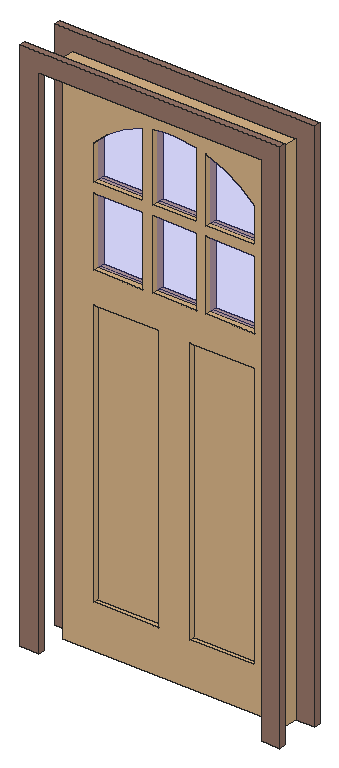
Revit family "0051_M_DR_W_single-entry 4", category 문, Revit 2026
Family settings
  호스트 = 벽
  항상 수직 = 예
  로드될 때 보이드를 사용하여 절단 = 아니오
  공유 = 아니오
  룸 계산 점 = 아니오
Parameters (values of type "36" x 84"")
  기능 = 내부
  Top Panel = 2' - 0"
  두께 = 0' - 2"
  Rail - Top = 0' - 5"
  Rail - Center = 0' - 5"
  Rail - Bottom = 0' - 7"
  조합 코드 = "C1020"
  Door Material = Door - Panel
  Frame Material = Door - Frame
  Height = 7' - 0"
  Muntin = 0' - 1 1/2"
  Stile Width = 0' - 5"
  Trim Projection Ext = 0' - 1"
  Trim Projection Int = 0' - 1"
  Trim Width = 0' - 3"
  벽 마무리 = 호스트별
  Width = 3' - 0"
Types (8): name | Top Panel | 두께 | Rail - Top | Rail - Center | Rail - Bottom | 조합 코드 | Height | Muntin | Stile Width | Trim Projection Ext | Trim Projection Int | Trim Width | Width
  36" x 84" | 2' - 0" | 0' - 2" | 0' - 5" | 0' - 5" | 0' - 7" | "C1020" | 7' - 0" | 0' - 1 1/2" | 0' - 5" | 0' - 1" | 0' - 1" | 0' - 3" | 3' - 0"
  34" x 84" | 2' - 0" | 0' - 2" | 0' - 5" | 0' - 5" | 0' - 7" | "C1020" | 7' - 0" | 0' - 1 1/2" | 0' - 5" | 0' - 1" | 0' - 1" | 0' - 3" | 2' - 10"
  32" x 84" | 2' - 0" | 0' - 2" | 0' - 5" | 0' - 5" | 0' - 7" | "C1020" | 7' - 0" | 0' - 1 1/2" | 0' - 5" | 0' - 1" | 0' - 1" | 0' - 3" | 2' - 8"
  30" x 84" | 2' - 0" | 0' - 2" | 0' - 5" | 0' - 5" | 0' - 7" | "C1020" | 7' - 0" | 0' - 1 1/2" | 0' - 5" | 0' - 1" | 0' - 1" | 0' - 3" | 2' - 6"
  30" x 80" | 1' - 10" | 0' - 2" | 0' - 5" | 0' - 5" | 0' - 7" | "C1020" | 6' - 8" | 0' - 1 1/2" | 0' - 5" | 0' - 1" | 0' - 1" | 0' - 3" | 2' - 6"
  36" x 80" | 2' - 0" | 0' - 2" | 0' - 5" | 0' - 5" | 0' - 7" | "C1020" | 6' - 8" | 0' - 1 1/2" | 0' - 5" | 0' - 1" | 0' - 1" | 0' - 3" | 3' - 0"
  34" x 80" | 1' - 10" | 0' - 2" | 0' - 5" | 0' - 5" | 0' - 7" | "C1020" | 6' - 8" | 0' - 1 1/2" | 0' - 5" | 0' - 1" | 0' - 1" | 0' - 3" | 2' - 10"
  0915 x 2134mm | 2' - 0.01575" | 0' - 1.9685" | 0' - 4.92126" | 0' - 4.92126" | 0' - 6.88976" | 0' - 0" | 7' - 0.01575" | 0' - 1.37795" | 0' - 4.92126" | 0' - 0.98425" | 0' - 0.98425" | 0' - 2.95276" | 3' - 0.02362"
Reference planes (in)
  plane 1: y = 0
  plane 2: z = 0
  plane 3: x = 1
  plane 4: x = -17
  plane 5: x = 19
  plane 6: z = 84
  plane 7: x = -1.5
  plane 8: x = 3.5
  plane 9: x = -12
  plane 10: x = 14
  plane 11: z = 55
  plane 12: z = 50
  plane 13: z = 79
  plane 14: z = 7
  plane 15: z = 67
  plane 16: x = 5.33333
  plane 17: x = -3.33333
  plane 18: x = -4.08333
  plane 19: x = -2.58333
  plane 20: x = 4.58333
  plane 21: x = 6.08333
  plane 22: z = 67.75
  plane 23: z = 66.25
  plane 24: z = 73.375
Forms (in)
  Extrusion 1, solid, material "Door - Frame" <- "Frame Material"
    sketch origin (-60, 3.00119, 0) x (-1, 0, 0) y (0, 0, 1)
      loop
        line (-82, 87) -> (-82, 0) -> (-79, 0) -> (-79, 84) -> (-43, 84) -> (-43, 0) -> (-40, 0) -> (-40, 87) -> (-82, 87)
    from 0 to 1
  Extrusion 2, solid, material "Door - Frame" <- "Frame Material"
    sketch origin (-60, -2.99881, 0) x (1, 0, 0) y (0, 0, 1)
      loop
        line (40, 87) -> (40, 0) -> (43, 0) -> (43, 84) -> (79, 84) -> (79, 0) -> (82, 0) -> (82, 87) -> (40, 87)
    from 0 to 1
  Extrusion 3, solid, material "Door - Panel" <- "Door Material"
    sketch origin (0, 0.0442, 0) x (0, 0, -1) y (1, 0, 0)
      loop
        line (-50, -12) -> (-7, -12) -> (-7, -1.5) -> (-50, -1.5) -> (-50, -12)
      loop
        line (-7, 14) -> (-50, 14) -> (-50, 3.5) -> (-7, 3.5) -> (-7, 14)
    from -2.20699 to -1.75268
  Extrusion 4, solid, material "Door - Panel" <- "Door Material"
    sketch origin (0, 0, 0) x (0, 0, -1) y (1, 0, 0)
      loop
        line (-84, -17) -> (0, -17) -> (0, 19) -> (-84, 19) -> (-84, -17)
      loop
        line (-50, -12) -> (-7, -12) -> (-7, -1.5) -> (-50, -1.5) -> (-50, -12)
      loop
        line (-7, 14) -> (-50, 14) -> (-50, 3.5) -> (-7, 3.5) -> (-7, 14)
      loop
        line (-55, 14) -> (-66.25, 14) -> (-66.25, 6.08333) -> (-55, 6.08333) -> (-55, 14)
      loop
        arc (-73.375, 14) -> (-76.21018, 10.3213) -> (-78.11038, 6.08333) r 19.79951
        line (-78.11038, 6.08333) -> (-67.75, 6.08333) -> (-67.75, 14) -> (-73.375, 14)
      loop
        line (-55, -12) -> (-55, -4.08333) -> (-66.25, -4.08333) -> (-66.25, -12) -> (-55, -12)
      loop
        line (-67.75, -12) -> (-67.75, -4.08333) -> (-78.31745, -4.08333)
        arc (-78.31745, -4.08333) -> (-76.39374, -8.38349) -> (-73.375, -12) r 17.19095
        line (-73.375, -12) -> (-67.75, -12)
      loop
        line (-78.68182, -2.58333) -> (-67.75, -2.58333) -> (-67.75, 4.58333) -> (-78.51696, 4.58333)
        arc (-78.51696, 4.58333) -> (-78.84045, 2.80272) -> (-79, 1) r 19.79951
        arc (-79, 1) -> (-78.9349, -0.80001) -> (-78.68182, -2.58333) r 17.19095
      loop
        line (-55, 4.58333) -> (-66.25, 4.58333) -> (-66.25, -2.58333) -> (-55, -2.58333) -> (-55, 4.58333)
    from -3.00119 to -1.00119
  Extrusion 5, solid, material "Glass"
    sketch origin (0, 0, 0) x (0, 0, -1) y (1, 0, 0)
      loop
        line (-55, -12) -> (-55, -4.08333) -> (-66.25, -4.08333) -> (-66.25, -12) -> (-55, -12)
      loop
        line (-55, 14) -> (-66.25, 14) -> (-66.25, 6.08333) -> (-55, 6.08333) -> (-55, 14)
      loop
        line (-55, 4.58333) -> (-66.25, 4.58333) -> (-66.25, -2.58333) -> (-55, -2.58333) -> (-55, 4.58333)
      loop
        line (-67.75, -4.08333) -> (-78.31745, -4.08333)
        arc (-78.31745, -4.08333) -> (-76.39374, -8.38349) -> (-73.375, -12) r 17.19095
        line (-73.375, -12) -> (-67.75, -12) -> (-67.75, -4.08333)
      loop
        line (-78.68182, -2.58333) -> (-67.75, -2.58333) -> (-67.75, 4.58333) -> (-78.51696, 4.58333)
        arc (-78.51696, 4.58333) -> (-78.84045, 2.80272) -> (-79, 1) r 19.79951
        arc (-79, 1) -> (-78.9349, -0.80001) -> (-78.68182, -2.58333) r 17.19095
      loop
        line (-78.11038, 6.08333) -> (-67.75, 6.08333) -> (-67.75, 14) -> (-73.375, 14)
        arc (-73.375, 14) -> (-76.21018, 10.3213) -> (-78.11038, 6.08333) r 19.79951
    from -2.25119 to -1.79687
Lines and regions (in)
  Opening 1
    outline origin (-60, -2.99881, 144) x (0, 0, -1) y (1, 0, 0)
      loop
        line (60, 43) -> (144, 43) -> (144, 79) -> (60, 79) -> (60, 43)
  symbolic lines, style "DoorsPanelProjection"
    curve 1: line (19, 3.00119, 0) -> (17, 3.00119, 0)
    curve 2: line (19, 3.00119, 0) -> (19, 39.00119, 0)
    curve 3: line (19, 39.00119, 0) -> (17, 39.00119, 0)
    curve 4: line (17, 3.00119, 0) -> (17, 39.00119, 0)
  model lines, style "DoorsFrameMullionProjection"
    curve 5: line (-20, -2.99881, 0) -> (-20, -2.99881, 87)
    curve 6: line (-20, -2.99881, 87) -> (22, -2.99881, 87)
    curve 7: line (22, -2.99881, 87) -> (22, -2.99881, 0)
    curve 8: line (22, 3.00119, 0) -> (22, 3.00119, 87)
    curve 9: line (-20, 3.00119, 87) -> (22, 3.00119, 87)
    curve 10: line (-20, 3.00119, 87) -> (-20, 3.00119, 0)
  symbolic lines, style "Elevation Swing"
    curve 11: line (-17, -2.99881, 84) -> (19, -2.99881, 42)
    curve 12: line (19, 3.00119, 42) -> (-17, 3.00119, 0)
  symbolic lines, style "Plan Swing"
    curve 13: arc (17, 39.00119, 0) -> (-7.19266, 27.77909, 0) -> (-17.05551, 3.00119, 0) r 36.05551
Dimensions and locks (in)
  equal spacing: plane 4, plane 3, plane 5
  "Width": plane 4 to plane 5
  locked: host wall to curve 1
  control icon elem to plane 5 = 0' - 11"
  "Height": plane 6 to plane 2
  "Trim Width": plane 4 to curve 5
  "Trim Width": plane 5 to curve 7
  "Trim Width": plane 6 to curve 6
  equal spacing: plane 6, curve 11, level
  locked: curve 9 to host wall
  "Stile Width": plane 4 to plane 9
  "Stile Width": plane 10 to plane 5
  "Rail - Center": plane 11 to plane 12
  "Stile Width": plane 7 to plane 8
  "두께": curve 4 to plane 5
  "Rail - Bottom": plane 14 to host wall
  equal spacing: plane 7, plane 3, plane 8
  "Trim Projection Int": Extrusion 2 to host wall
  "Trim Projection Ext": Extrusion 1 to host wall
  "Rail - Top": plane 6 to plane 13
  "두께": Extrusion 4 to Extrusion 4
  locked: Extrusion 4 to Extrusion 3 at 0.79568
  locked: Extrusion 4 to Extrusion 3 at 0.75
  "Top Panel": plane 13 to plane 11
  equal spacing: plane 9, plane 17, plane 16, plane 10
  equal spacing: plane 13, plane 15, plane 11
  equal spacing: plane 18, plane 17, plane 19
  "Muntin": plane 18 to plane 19
  equal spacing: plane 20, plane 16, plane 21
  "Muntin": plane 20 to plane 21
  "Muntin": plane 22 to plane 23
  equal spacing: plane 22, plane 15, plane 23
  equal spacing: plane 13, plane 24, plane 22
  aligned and locked: curve 7 to level
  aligned and locked: curve 8 to curve 7
  aligned and locked: plane 6 to curve 11
  aligned and locked: Extrusion 1 sketch curve to curve 10
  aligned and locked: Extrusion 1 sketch curve to curve 6
  aligned and locked: Extrusion 1 sketch curve to curve 7
  aligned and locked: level to plane 2
  aligned and locked: Extrusion 2 sketch curve to Extrusion 1
  aligned and locked: Extrusion 2 sketch curve to curve 5
  aligned and locked: Extrusion 2 sketch curve to curve 7
  aligned and locked: host wall to Extrusion 4 sketch curve  (x2)
  aligned and locked: Extrusion 4 sketch curve to host wall  (x2)
  aligned and locked: host wall to Extrusion 4
  aligned and locked: Extrusion 4 sketch curve to Extrusion 3  (x3)
  aligned and locked: Extrusion 3 to Extrusion 4 sketch curve
  aligned and locked: Extrusion 5 to Extrusion 3  (x2)
  aligned and locked: Extrusion 5 sketch curve to plane 11
  aligned and locked: Extrusion 5 sketch curve to Extrusion 4  (x4)
Automatic sketch dimensions
  Opening 1 sketch curve to plane 6 = 0' - 0"
  Opening 1 sketch curve to level = 0' - 0"
  Opening 1 sketch curve to plane 4 = 0' - 0"
  Opening 1 sketch curve to plane 5 = 0' - 0"
  Extrusion 1 sketch curve to level = 0' - 0"  (x2)
  curve 12 to plane 5 = 0' - 0"
  curve 5 to level = 0' - 0"
  curve 8 to level = 0' - 0"
  curve 10 to level = 0' - 0"
  curve 12 to level = 0' - 0"
  curve 10 to curve 5 = 0' - 0"  (x2)
  curve 12 to plane 4 = 0' - 0"
  curve 11 to plane 4 = 0' - 0"
  Extrusion 2 sketch curve to plane 6 = 0' - 0"
  Extrusion 2 sketch curve to plane 5 = 0' - 0"
  Extrusion 2 sketch curve to level = 0' - 0"  (x2)
  Extrusion 2 sketch curve to plane 4 = 0' - 0"
  curve 1 to plane 5 = 0' - 0"
  curve 13 to plane 5 = 0' - 0"
  plane 4 to curve 13 = 0' - 0.05551"
  Extrusion 1 sketch curve to plane 5 = 0' - 0"
  Extrusion 1 sketch curve to plane 4 = 0' - 0"
  Extrusion 1 sketch curve to plane 6 = 0' - 0"
  Extrusion 3 sketch curve to plane 10 = 0' - 0"
  Extrusion 3 sketch curve to plane 8 = 0' - 0"
  Extrusion 3 sketch curve to plane 12 = 0' - 0"  (x2)
  Extrusion 3 sketch curve to plane 9 = 0' - 0"
  Extrusion 3 sketch curve to plane 14 = 0' - 0"  (x2)
  Extrusion 3 sketch curve to plane 7 = 0' - 0"
  Extrusion 4 sketch curve to plane 3 = 0' - 0"
  Extrusion 4 sketch curve to plane 13 = 0' - 0"
  Extrusion 4 sketch curve to plane 19 = 0' - 0"  (x2)
  Extrusion 4 sketch curve to plane 20 = 0' - 0"  (x2)
  Extrusion 4 sketch curve to plane 18 = 0' - 0"  (x2)
  Extrusion 4 sketch curve to plane 21 = 0' - 0"  (x2)
  Extrusion 4 sketch curve to plane 10 = 0' - 0"  (x2)
  Extrusion 4 sketch curve to plane 24 = 0' - 0"  (x2)
  Extrusion 4 sketch curve to plane 9 = 0' - 0"  (x2)
  Extrusion 4 sketch curve to plane 22 = 0' - 0"  (x3)
  Extrusion 4 sketch curve to plane 23 = 0' - 0"  (x3)
  Extrusion 4 sketch curve to plane 11 = 0' - 0"  (x3)
  Extrusion 4 sketch curve to plane 12 = 0' - 0"
  Extrusion 4 sketch curve to plane 14 = 0' - 0"
  Extrusion 4 sketch curve to plane 7 = 0' - 0"
  Extrusion 4 sketch curve to plane 8 = 0' - 0"
  plane 13 to Extrusion 4 sketch curve = 0' - 0.31818"
  Extrusion 4 sketch curve to Extrusion 4 sketch curve = 0' - 0.48304"
  Extrusion 4 sketch curve to Extrusion 4 sketch curve = 0' - 0.40657"
  Extrusion 4 sketch curve to plane 3 = 0' - 0.84239"
  Extrusion 4 sketch curve to Extrusion 4 sketch curve = 0' - 0"  (x2)
  Extrusion 4 sketch curve to Extrusion 4 sketch curve = 0' - 0.36437"
  Extrusion 4 sketch curve to plane 3 = 0' - 0.27954"
  Extrusion 5 sketch curve to plane 9 = 0' - 0"  (x2)
  Extrusion 5 sketch curve to plane 10 = 0' - 0"  (x2)
  Extrusion 5 sketch curve to plane 11 = 0' - 0"  (x2)
  plane 13 to Extrusion 5 sketch curve = 0' - 0.31818"
  plane 13 to Extrusion 5 sketch curve = 0' - 0.48304"
  plane 13 to Extrusion 5 sketch curve = 0' - 0.68255"
  Extrusion 5 sketch curve to plane 16 = 0' - 0 3/4"  (x2)
  Extrusion 5 sketch curve to plane 15 = 0' - 0 3/4"  (x3)
  plane 15 to Extrusion 5 sketch curve = 0' - 0 3/4"  (x3)
  plane 17 to Extrusion 5 sketch curve = 0' - 0 3/4"
  Extrusion 5 sketch curve to plane 17 = 0' - 0 3/4"
  plane 16 to Extrusion 5 sketch curve = 0' - 0 3/4"
  curve 11 to plane 5 = 0' - 0"
  curve 13 to host wall = 0' - 0"
  curve 12 to curve 11 = 0' - 0"
